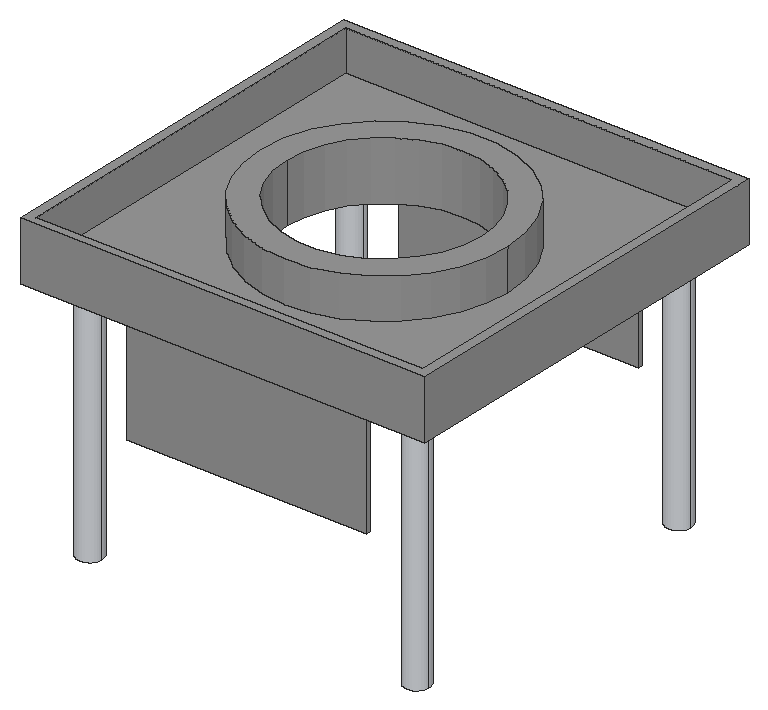
Revit family "Nivellierbare Kassette für Tubus, RKFN, 20", category Generic Models, Revit 2015
Parameters (values of type "RKFN2 4 VS 20")
  Width = 199 mm
  URL = "http://www.obo-bettermann.com"
  Material = Stainless Steel, Polished
  Manufacturer Art.No. = "7409362"
  Manufacturer = "OBO Bettermann"
  Length = 199 mm
  HeightCalc = if(Height < 105 mm, 105 mm, (if(Height > 150 mm, 150 mm, Height)))  # 150 mm
  Height 1 = 29 mm
  Height = 150 mm
  GTIN = "4012195869023"
  Cut depth = 20 mm
  Article Type = "RKFN2 4 VS 20"
Reference planes
  plane 1 "Center (Front/Back)": y = 0
  plane 2: z = 0
  plane 3 "Center (Left/Right)": x = 0
  plane 4: z = 121
  plane 5: y = 99.5
  plane 6: y = -99.5
  plane 7: z = 150
  plane 8: z = 60
  plane 9: z = 130
Forms (mm)
  Extrusion 1, solid
    sketch origin (0, 0, 0) x (1, 0, 0) y (0, 1, 0)
      loop
        circle (-80.5, -80.5) r 6
      loop
        circle (-80.5, 80.5) r 6
      loop
        circle (80.5, 80.5) r 6
      loop
        circle (80.5, -80.5) r 6
    from 0 to 121
  Extrusion 2, solid, material "Stainless Steel, Polished" <- "Material"
    sketch origin (0, 0, 0) x (1, 0, 0) y (0, 0, 1)
      loop
        line (-99.5, 150) -> (-99.5, 121) -> (99.5, 121) -> (99.5, 150) -> (-99.5, 150)
    from -99.5 to 99.5
  Extrusion 3, solid, material "Stainless Steel, Polished" <- "Material"
    sketch origin (0, 0, 0) x (1, 0, 0) y (0, 1, 0)
      loop
        line (-59, 84.5) -> (-59, 82.5) -> (59, 82.5) -> (59, 84.5) -> (-59, 84.5)
      loop
        line (-59, -82.5) -> (-59, -84.5) -> (59, -84.5) -> (59, -82.5) -> (-59, -82.5)
    from 60 to 121
  Extrusion 4, void
    sketch origin (0, 0, 0) x (1, 0, 0) y (0, 1, 0)
      loop
        line (-95.3, 95.3) -> (-95.3, -95.3) -> (95.3, -95.3) -> (95.3, 95.3) -> (-95.3, 95.3)
      loop
        circle (0, 0) r 61
    from 130 to 150
  Extrusion 5, void
    sketch origin (0, 0, 0) x (1, 0, 0) y (0, 1, 0)
      loop
        circle (0, 0) r 47.77
    from 121 to 150
Cuts and joins
  Extrusion 4 cuts Extrusion 1
  Extrusion 4, Extrusion 5 cuts Extrusion 2
  Extrusion 4 cuts Extrusion 3
Dimensions and locks
  locked: Extrusion 1 sketch curve to plane 1 "Center (Front/Back)" at 74.5  (x2)
  locked: Extrusion 1 sketch curve to plane 3 "Center (Left/Right)" at 80.5  (x2)
  locked: plane 1 "Center (Front/Back)" to Extrusion 1 sketch curve at 74.5  (x2)
  locked: plane 3 "Center (Left/Right)" to Extrusion 1 sketch curve at 80.5  (x2)
  "Width": Extrusion 2 sketch curve to Extrusion 2 sketch curve
  locked: plane 3 "Center (Left/Right)" to Extrusion 2 sketch curve at 99.5
  locked: Extrusion 2 sketch curve to Extrusion 2 sketch curve at 29
  "HeightCalc": plane 7 to level
  "Height 1": plane 7 to plane 4
  locked: Extrusion 3 sketch curve to Extrusion 3 sketch curve at 118  (x2)
  equal spacing: Extrusion 3 sketch curve, plane 3 "Center (Left/Right)", Extrusion 3 sketch curve, locked at 59 each  (x2)
  locked: Extrusion 3 sketch curve to Extrusion 2 at 15  (x2)
  locked: Extrusion 3 sketch curve to Extrusion 3 sketch curve at 2  (x2)
  locked: plane 4 to plane 8 at 61
  locked: Extrusion 4 sketch curve to Extrusion 4 sketch curve at 190.6  (x2)
  equal spacing: Extrusion 4 sketch curve, plane 3 "Center (Left/Right)", Extrusion 4 sketch curve, locked at 95.3 each
  equal spacing: Extrusion 4 sketch curve, plane 1 "Center (Front/Back)", Extrusion 4 sketch curve, locked at 95.3 each
  "Cut depth": plane 7 to plane 9
  "Length": plane 5 to plane 6
  equal spacing: plane 5, plane 1 "Center (Front/Back)", plane 6, locked at 99.5 each
  diameter of Extrusion 1 sketch curve = 12 mm  (x3)
  aligned and locked: level to plane 2
  aligned and locked: plane 4 to Extrusion 1
  aligned and locked: plane 4 to Extrusion 2 sketch curve
  aligned and locked: plane 6 to Extrusion 2
  aligned and locked: Extrusion 2 to plane 5
  aligned and locked: plane 7 to Extrusion 2
  aligned and locked: Extrusion 1 to Extrusion 3
  aligned and locked: Extrusion 3 to plane 8
  aligned and locked: cut or joined group of Extrusion 2, Extrusion 4, Extrusion 5 to Extrusion 4
  aligned and locked: Extrusion 4 to plane 9
  aligned and locked: Extrusion 2 to Extrusion 5  (x2)
Automatic sketch dimensions
  Extrusion 1 sketch curve to plane 6 = 19 mm
  plane 1 "Center (Front/Back)" to Extrusion 4 sketch curve = 0 mm
  Extrusion 4 sketch curve to plane 3 "Center (Left/Right)" = 0 mm
  plane 1 "Center (Front/Back)" to Extrusion 5 sketch curve = 0 mm
  Extrusion 5 sketch curve to plane 3 "Center (Left/Right)" = 0 mm
  radius of Extrusion 4 sketch curve = 61 mm
  radius of Extrusion 5 sketch curve = 47.77 mm
